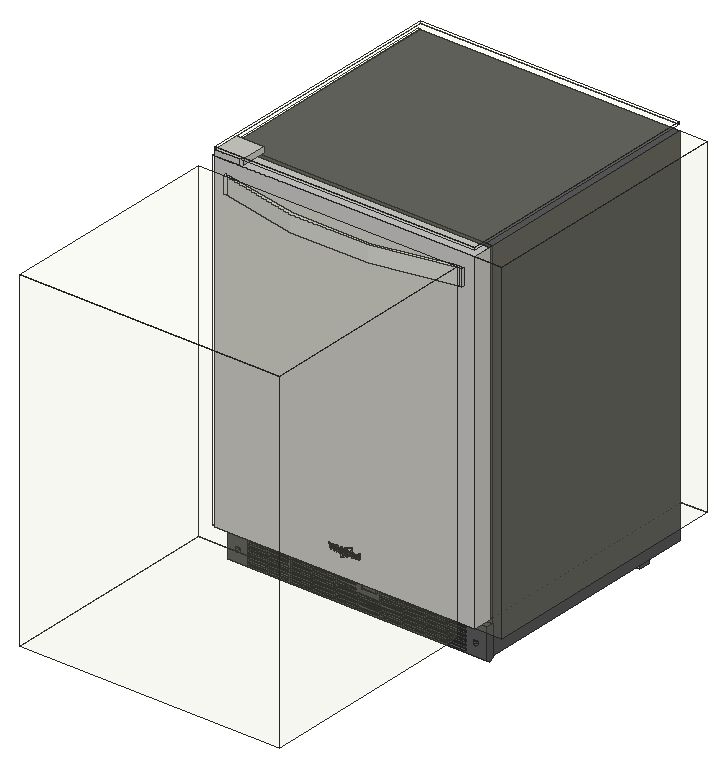
Revit family "P200635WX-134c_WUR50X24HZ", category Specialty Equipment, Revit 2026
Family settings
  Round Connector Dimension = Use Diameter
  Part Type = Normal
  Work Plane-Based = No
  Enable Cutting in Views = No
  Always vertical = Yes
  Cut with Voids When Loaded = No
  Maintain Annotation Orientation = No
  Shared = No
  Room Calculation Point = No
Parameters (values of type "WUR50X24HZ")
  Width = 23 15/16"
  Voltage = 0 V
  URL = ""
  Show Clearance [instance] = yes
  Model = "WUR50X24HZ"
  Leg Material = ARCAT - Plastic - Black
  Feature 3 = "Reversible Stainless Steel Door\r\nPorte réversible en acier inoxydable"
  Feature 2 = "LED Interior Lighting\r\nÉclairage intérieur à DEL"
  Feature 1 = "Single-Temperature Controlled Zone\r\nZone unique à température contrôlée"
  Family Name = "Undercounter Refrigerator"
  Energy Guide = "http://access.whirlpool.com/mr/getMediaType.do?mediaType=Energy Guide&sku=WUR50X24HZ&language=EN\r\nhttp://access.whirlpool.com/mr/getMediaType.do?mediaType=Energy Guide&sku=WUR50X24HZ&language=EN"
  Door Material = ARCAT - Metal - Steel - Stainless
  Manufacturer = "Whirlpool"
  Keynote = ""
  Installation-Fabrication = ""
  Height = 35"
  Handle Material = ARCAT - Metal - Steel - Grey
  Drawn By = ""
  Dimension Guide = "http://access.whirlpool.com/mr/getMediaType.do?mediaType=Dimension Guide&sku=WUR50X24HZ&language=EN\r\nhttp://access.whirlpool.com/mr/getMediaType.do?mediaType=Dimension Guide&sku=WUR50X24HZ&language=EN"
  Description = "24-inch Wide Undercounter Refrigerator - 5.1 cu. ft.\r\nRéfrigérateur sous le comptoir, 24 po, 5.1 pi³"
  Depth = 25 5/8"
  Default Elevation = 0"
  Copyright = ""
  Clearance Material = ARCAT - Clearance
  Body Material = ARCAT - Metal - Steel - Black
  Back Panel Material = ARCAT - Metal - Aluminum
  Assembly Code = ""
  Amps = 0 A
  Accent Material = ARCAT - Metal - Steel - Stainless
Reference planes (in)
  plane 1 "Center (Front/Back)": y = 0
  plane 2: z = 0
  plane 3 "Center (Left/Right)": x = 0
  plane 4: z = 35
  plane 5: y = -25.625
  plane 6: x = 11.96875
  plane 7: x = -11.96875
Forms (in)
  Extrusion 1, solid, material "ARCAT - Clearance" <- "Clearance Material", visible <- "Show Clearance"
    sketch origin (-29.02372, -21.98007, 27.5) x (1, 0, 0) y (0, 1, 0)
      loop
        line (17.05497, -3.64493) -> (17.05497, -24.26993) -> (40.99247, -24.26993) -> (40.99247, -3.64493) -> (17.05497, -3.64493)
    from -23.73432 to 7
  Extrusion 2, solid, material "ARCAT - Metal - Steel - Black" <- "Body Material"
    sketch origin (-50.28535, -180, 34.2588) x (-1, 0, 0) y (0, -1, 0)
      loop
        line (-38.3166, -179.75) -> (-38.3166, -158.375) -> (-62.2541, -158.375) -> (-62.2541, -179.75) -> (-38.3166, -179.75)
    from 0.2412 to -33.64345
  Extrusion 3, solid, material "ARCAT - Metal - Steel - Stainless" <- "Door Material"
    sketch origin (-50.28535, -180.125, 34.5) x (-1, 0, 0) y (0, -1, 0)
      loop
        line (-38.3166, -158.125) -> (-38.3166, -156.375) -> (-62.2541, -156.375) -> (-62.2541, -158.125) -> (-38.3166, -158.125)
    from 0 to -30.73432
  Extrusion 4, solid, material "ARCAT - Metal - Steel - Black" <- "Body Material"
    sketch origin (11.9375, -21.625, 34.2588) x (-1, 0, 0) y (0, 0, -1)
      loop
        line (23.90625, 34.00618) -> (-0.03125, 34.00618) -> (-0.03125, 30.99312) -> (2.46875, 30.99312) -> (2.46875, 30.74312) -> (10.0253, 30.74312) -> (10.0253, 31.88956) -> (11.55036, 31.88956) -> (11.55036, 30.74312) -> (21.40625, 30.74312) -> (21.40625, 30.99312) -> (23.90625, 30.99312) -> (23.90625, 34.00618)
    from 0 to 0.6625
  Extrusion 5, solid, material "ARCAT - Plastic - Black" <- "Leg Material"
    sketch origin (-50.28535, -180, 0.61535) x (0, -1, 0) y (-1, 0, 0)
      loop
        circle (-159.04568, -39.8166) r 0.5
      loop
        circle (-159.04568, -60.7541) r 0.5
    from 0 to 0.61535
  Extrusion 6, solid, material "ARCAT - Metal - Aluminum" <- "Back Panel Material"
    sketch origin (-11.96875, -0.25, 35.23949) x (1, 0, 0) y (0, 0, -1)
      loop
        circle (12.05302, 33.71463) r 0.25
    from 0.25 to 0.28125
  Extrusion 7, solid, material "ARCAT - Metal - Steel - Black" <- "Body Material"
    sketch origin (11.9375, -22.2875, 34.2588) x (-1, 0, 0) y (0, 0, -1)
      loop
        line (11.42536, 30.49312) -> (11.42536, 31.76466) -> (10.1517, 31.76466) -> (10.1517, 30.49312) -> (11.42536, 30.49312)
    from 0 to 0.07096
  Extrusion 8, solid, material "ARCAT - Metal - Steel - Black" <- "Body Material"
    sketch origin (-19.3569, -0.44049, 48) x (-1, 0, 0) y (0, 0, 1)
      loop
        line (-31.32565, -47.38465) -> (-31.07565, -47.38465) -> (-31.07565, -13.75) -> (-7.63815, -13.75) -> (-7.63815, -47.38465) -> (-7.38815, -47.38465) -> (-7.38815, -13.5) -> (-31.32565, -13.5) -> (-31.32565, -47.38465)
    from 0.19049 to 0.44049
  Extrusion 9, solid, material "ARCAT - Metal - Aluminum" <- "Back Panel Material"
    sketch origin (-19.3569, -0.44049, 48) x (-1, 0, 0) y (0, 0, 1)
      loop
        line (-31.07565, -13.75) -> (-31.07565, -38.89853) -> (-29.82565, -38.89853) -> (-29.82565, -41.89853) -> (-30.35598, -42.42886) -> (-30.35598, -43.42886) -> (-29.82565, -43.95919) -> (-29.82565, -45.95919) -> (-31.07565, -45.95919) -> (-31.07565, -47.38465) -> (-22.1229, -47.38465) -> (-22.1229, -46.63465) -> (-21.1229, -46.63465) -> (-21.1229, -47.38465) -> (-17.3729, -47.38465) -> (-17.3729, -46.63465) -> (-16.3729, -46.63465) -> (-16.3729, -47.38465) -> (-7.63815, -47.38465) -> (-7.63815, -44.27058) -> (-8.63255, -44.27058) -> (-8.63255, -43.27058) -> (-8.13255, -43.27058) -> (-8.13255, -42.27058) -> (-7.63815, -42.27058) -> (-7.63815, -13.75) -> (-31.07565, -13.75)
      loop
        line (-27.73725, -40.01032) -> (-27.73725, -40.26032) -> (-24.86495, -40.26032) -> (-24.86495, -40.01032) -> (-27.73725, -40.01032)
      loop
        line (-27.73725, -40.76032) -> (-27.73725, -41.01032) -> (-24.86495, -41.01032) -> (-24.86495, -40.76032) -> (-27.73725, -40.76032)
      loop
        line (-27.73725, -41.79157) -> (-27.73725, -42.04157) -> (-24.86495, -42.04157) -> (-24.86495, -41.79157) -> (-27.73725, -41.79157)
      loop
        line (-27.73725, -42.72907) -> (-27.73725, -42.97907) -> (-24.86495, -42.97907) -> (-24.86495, -42.72907) -> (-27.73725, -42.72907)
    from 0.19049 to 0.44049
  Extrusion 10, solid, material "ARCAT - Metal - Steel - Stainless" <- "Door Material"
    sketch origin (11.96875, -23.75, 34.5) x (-1, 0, 0) y (0, 0, -1)
      loop
        line (23.1875, 0.75) -> (23.1875, 29.98432) -> (0.75, 29.98432) -> (0.75, 0.75) -> (23.1875, 0.75)
    from -2.125 to -1.75
  Extrusion 11, solid, material "ARCAT - Metal - Steel - Grey" <- "Handle Material"
    sketch origin (-49.88471, -180, 30.387) x (-1, 0, 0) y (0, -1, 0)
      loop
        line (-38.91596, -156.25) -> (-38.91596, -156) -> (-39.16596, -156)
        arc (-39.16596, -156) -> (-49.88471, -154.375) -> (-60.60346, -156) r 36.16376
        line (-60.60346, -156) -> (-60.85346, -156) -> (-60.85346, -156.25) -> (-60.56549, -156.25)
        arc (-60.56549, -156.25) -> (-49.88471, -154.625) -> (-39.20392, -156.25) r 35.91376
        line (-39.20392, -156.25) -> (-38.91596, -156.25)
    from 1.41784 to 2.91784
  Extrusion 12, solid, material "ARCAT - Metal - Steel - Stainless" <- "Accent Material"
    sketch origin (23.125, -0.38126, 0.82101) x (0, 0, 1) y (0, -1, 0)
      loop
        line (-0.20566, 3.94806) -> (-0.70566, 3.94806) -> (-0.70566, 2.94806) -> (-0.20566, 2.94806) -> (-0.20566, 3.94806)
    from -34.84375 to -11.40625
  Extrusion 13, solid, material "ARCAT - Plastic - Black" <- "Leg Material"
    sketch origin (23.125, -0.38126, 0.82101) x (0, 0, 1) y (0, -1, 0)
      loop
        circle (-0.20566, 1.29482) r 0.61347
    from -13.15975 to -12.15625
  Extrusion 14, void
    sketch origin (23.125, -0.38126, 0.82101) x (0, 0, 1) y (0, -1, 0)
      loop
        line (-0.20566, 2.07481) -> (-0.20566, 0.51555) -> (0.54434, 0.51555) -> (0.54434, 2.07481) -> (-0.20566, 2.07481)
    from -13.32533 to -11.98088
  Extrusion 15, solid, material "ARCAT - Plastic - Black" <- "Leg Material"
    sketch origin (23.125, -0.38126, 0.82101) x (0, 0, 1) y (0, -1, 0)
      loop
        circle (-0.20566, 1.29482) r 0.07679
    from -12.15625 to -12.08058
  Extrusion 16, solid, material "ARCAT - Plastic - Black" <- "Leg Material"
    sketch origin (22.04583, -0.38126, 0.82101) x (0, 0, 1) y (0, -1, 0)
      loop
        circle (-0.20566, 1.29482) r 0.07679
    from -12.15625 to -12.08058
  Extrusion 17, solid, material "ARCAT - Plastic - Black" <- "Leg Material"
    sketch origin (-23.125, -0.38126, 0.82101) x (0, 0, 1) y (0, 1, 0)
      loop
        circle (-0.20566, -1.29482) r 0.61347
    from -13.15975 to -12.15625
  Extrusion 18, void
    sketch origin (-23.125, -0.38126, 0.82101) x (0, 0, 1) y (0, 1, 0)
      loop
        line (-0.20566, -2.07481) -> (0.54434, -2.07481) -> (0.54434, -0.51555) -> (-0.20566, -0.51555) -> (-0.20566, -2.07481)
    from -13.32533 to -11.98088
  Extrusion 19, solid, material "ARCAT - Plastic - Black" <- "Leg Material"
    sketch origin (-23.125, -0.38126, 0.82101) x (0, 0, 1) y (0, 1, 0)
      loop
        circle (-0.20566, -1.29482) r 0.07679
    from -12.15625 to -12.08058
  Extrusion 20, solid, material "ARCAT - Plastic - Black" <- "Leg Material"
    sketch origin (-22.04583, -0.38126, 0.82101) x (0, 0, 1) y (0, 1, 0)
      loop
        circle (-0.20566, -1.29482) r 0.07679
    from -12.15625 to -12.08058
  Extrusion 21, void
    sketch origin (23.125, -0.38126, 1.07363) x (0, 0, 1) y (0, -1, 0)
      loop
        line (-0.82101, 21.90624) -> (-0.82101, 21.53228) -> (-0.57101, 21.90624) -> (-0.82101, 21.90624)
    from -35.09375 to -11.15625
  Extrusion 22, void
    sketch origin (23.125, -0.38126, 1.07363) x (0, 0, 1) y (0, -1, 0)
      loop
        line (-0.82101, 21.24374) -> (-0.65441, 21.24374) -> (-0.82101, 21.53228) -> (-0.82101, 21.24374)
    from -35.09375 to -11.15625
  Extrusion 23, solid, material "ARCAT - Metal - Steel - Stainless" <- "Accent Material"
    sketch origin (-50.28535, -180, 34.875) x (-1, 0, 0) y (0, -1, 0)
      loop
        line (-38.3166, -156.25) -> (-40.5666, -156.25)
        arc (-40.5666, -156.25) -> (-40.74338, -156.32322) -> (-40.8166, -156.5) r 0.25
        line (-40.8166, -156.5) -> (-40.8166, -158.75) -> (-38.3166, -158.75) -> (-38.3166, -156.25)
    from 0.125 to -0.375
  Extrusion 24, solid, material "ARCAT - Metal - Steel - Black" <- "Body Material"
    sketch origin (-49.88471, -178.8125, 30.387) x (-1, 0, 0) y (0, -1, 0)
      loop
        line (-38.16036, -156.9375) -> (-38.16036, -156.76865)
        arc (-38.16036, -156.76865) -> (-38.17698, -156.6831) -> (-38.22441, -156.61) r 0.22851
        arc (-38.22441, -156.61) -> (-38.35115, -156.52759) -> (-38.50119, -156.50908) r 0.33607
        arc (-38.50119, -156.50908) -> (-38.65569, -156.3383) -> (-38.87712, -156.275) r 0.41892
        line (-38.87712, -156.275) -> (-39.16699, -156.275) -> (-39.16699, -156.9375) -> (-38.16036, -156.9375)
    from -27.12132 to -26.62132
  Extrusion 25, solid, material "ARCAT - Clearance" <- "Clearance Material", visible <- "Show Clearance"
    sketch origin (-5.08622, -21.98007, 27.5) x (1, 0, 0) y (0, 1, 0)
      loop
        line (17.05497, 22.01132) -> (17.05497, -1.76993) -> (19.55497, -1.76993) -> (19.55497, 22.01132) -> (17.05497, 22.01132)
    from -23.73432 to 7
  Extrusion 26, solid, material "ARCAT - Clearance" <- "Clearance Material", visible <- "Show Clearance"
    sketch origin (-31.67217, -21.98007, 27.5) x (1, 0, 0) y (0, 1, 0)
      loop
        line (19.45342, 22.01132) -> (19.45342, -1.76993) -> (19.70342, -1.76993) -> (19.70342, 22.01132) -> (19.45342, 22.01132)
    from -23.73432 to 7
  Extrusion 27, solid, material "ARCAT - Clearance" <- "Clearance Material", visible <- "Show Clearance"
    sketch origin (-29.02372, 3.64493, 25.42439) x (1, 0, 0) y (0, 1, 0)
      loop
        line (17.05497, -3.64493) -> (17.05497, -27.39493) -> (40.99247, -27.39493) -> (40.99247, -3.64493) -> (17.05497, -3.64493)
    from 9.57561 to 9.82561
  Extrusion 28, void
    sketch origin (11.9375, -22.2875, 34.2588) x (1, 0, 0) y (0, 0, -1)
      loop
        line (-7.73644, 33.01356) -> (-5.75206, 33.01356) -> (-5.75206, 33.30035) -> (-7.73644, 33.30035) -> (-7.73644, 33.01356)
      loop
        line (-7.73644, 33.38856) -> (-5.75206, 33.38856) -> (-5.75206, 33.67535) -> (-7.73644, 33.67535) -> (-7.73644, 33.38856)
      loop
        line (-5.64603, 33.01356) -> (-3.66165, 33.01356) -> (-3.66165, 33.30035) -> (-5.64603, 33.30035) -> (-5.64603, 33.01356)
      loop
        line (-5.64603, 33.38856) -> (-3.66165, 33.38856) -> (-3.66165, 33.67535) -> (-5.64603, 33.67535) -> (-5.64603, 33.38856)
      loop
        line (-3.55562, 33.01356) -> (-1.85249, 33.01356) -> (-1.85249, 33.30035) -> (-3.55562, 33.30035) -> (-3.55562, 33.01356)
      loop
        line (-3.55562, 33.38856) -> (-1.85249, 33.38856) -> (-1.85249, 33.67535) -> (-3.55562, 33.67535) -> (-3.55562, 33.38856)
      loop
        circle (-22.91587, 32.63514) r 0.25
      loop
        circle (-0.96218, 32.63514) r 0.25
      loop
        line (-7.73644, 32.27747) -> (-5.75206, 32.27747) -> (-5.75206, 32.56427) -> (-7.73644, 32.56427) -> (-7.73644, 32.27747)
      loop
        line (-7.73644, 32.65247) -> (-5.75206, 32.65247) -> (-5.75206, 32.93927) -> (-7.73644, 32.93927) -> (-7.73644, 32.65247)
      loop
        line (-5.64603, 32.27747) -> (-3.66165, 32.27747) -> (-3.66165, 32.56427) -> (-5.64603, 32.56427) -> (-5.64603, 32.27747)
      loop
        line (-5.64603, 32.65247) -> (-3.66165, 32.65247) -> (-3.66165, 32.93927) -> (-5.64603, 32.93927) -> (-5.64603, 32.65247)
      loop
        line (-3.55562, 32.27747) -> (-1.85249, 32.27747) -> (-1.85249, 32.56427) -> (-3.55562, 32.56427) -> (-3.55562, 32.27747)
      loop
        line (-3.55562, 32.65247) -> (-1.85249, 32.65247) -> (-1.85249, 32.93927) -> (-3.55562, 32.93927) -> (-3.55562, 32.65247)
      loop
        line (-7.73644, 31.54139) -> (-5.75206, 31.54139) -> (-5.75206, 31.82819) -> (-7.73644, 31.82819) -> (-7.73644, 31.54139)
      loop
        line (-7.73644, 31.91639) -> (-5.75206, 31.91639) -> (-5.75206, 32.20319) -> (-7.73644, 32.20319) -> (-7.73644, 31.91639)
      loop
        line (-5.64603, 31.54139) -> (-3.66165, 31.54139) -> (-3.66165, 31.82819) -> (-5.64603, 31.82819) -> (-5.64603, 31.54139)
      loop
        line (-5.64603, 31.91639) -> (-3.66165, 31.91639) -> (-3.66165, 32.20319) -> (-5.64603, 32.20319) -> (-5.64603, 31.91639)
      loop
        line (-3.55562, 31.54139) -> (-1.85249, 31.54139) -> (-1.85249, 31.82819) -> (-3.55562, 31.82819) -> (-3.55562, 31.54139)
      loop
        line (-3.55562, 31.91639) -> (-1.85249, 31.91639) -> (-1.85249, 32.20319) -> (-3.55562, 32.20319) -> (-3.55562, 31.91639)
      loop
        line (-7.73644, 31.16639) -> (-5.75206, 31.16639) -> (-5.75206, 31.45319) -> (-7.73644, 31.45319) -> (-7.73644, 31.16639)
      loop
        line (-5.64603, 31.16639) -> (-3.66165, 31.16639) -> (-3.66165, 31.45319) -> (-5.64603, 31.45319) -> (-5.64603, 31.16639)
      loop
        line (-11.91726, 33.01356) -> (-9.93288, 33.01356) -> (-9.93288, 33.30035) -> (-11.91726, 33.30035) -> (-11.91726, 33.01356)
      loop
        line (-11.91726, 33.38856) -> (-9.93288, 33.38856) -> (-9.93288, 33.67535) -> (-11.91726, 33.67535) -> (-11.91726, 33.38856)
      loop
        line (-9.82685, 33.01356) -> (-7.84247, 33.01356) -> (-7.84247, 33.30035) -> (-9.82685, 33.30035) -> (-9.82685, 33.01356)
      loop
        line (-9.82685, 33.38856) -> (-7.84247, 33.38856) -> (-7.84247, 33.67535) -> (-9.82685, 33.67535) -> (-9.82685, 33.38856)
      loop
        line (-11.91726, 32.27747) -> (-9.93288, 32.27747) -> (-9.93288, 32.56427) -> (-11.91726, 32.56427) -> (-11.91726, 32.27747)
      loop
        line (-11.91726, 32.65247) -> (-9.93288, 32.65247) -> (-9.93288, 32.93927) -> (-11.91726, 32.93927) -> (-11.91726, 32.65247)
      loop
        line (-9.82685, 32.27747) -> (-7.84247, 32.27747) -> (-7.84247, 32.56427) -> (-9.82685, 32.56427) -> (-9.82685, 32.27747)
      loop
        line (-9.82685, 32.65247) -> (-7.84247, 32.65247) -> (-7.84247, 32.93927) -> (-9.82685, 32.93927) -> (-9.82685, 32.65247)
      loop
        line (-9.82685, 31.54139) -> (-7.84247, 31.54139) -> (-7.84247, 31.82819) -> (-9.82685, 31.82819) -> (-9.82685, 31.54139)
      loop
        line (-9.82685, 31.91639) -> (-7.84247, 31.91639) -> (-7.84247, 32.20319) -> (-9.82685, 32.20319) -> (-9.82685, 31.91639)
      loop
        line (-9.82685, 31.16639) -> (-7.84247, 31.16639) -> (-7.84247, 31.45319) -> (-9.82685, 31.45319) -> (-9.82685, 31.16639)
      loop
        line (-16.14161, 33.01356) -> (-16.14161, 33.30035) -> (-18.12599, 33.30035) -> (-18.12599, 33.01356) -> (-16.14161, 33.01356)
      loop
        line (-16.14161, 33.38856) -> (-16.14161, 33.67535) -> (-18.12599, 33.67535) -> (-18.12599, 33.38856) -> (-16.14161, 33.38856)
      loop
        line (-18.23203, 33.01356) -> (-18.23203, 33.30035) -> (-20.2164, 33.30035) -> (-20.2164, 33.01356) -> (-18.23203, 33.01356)
      loop
        line (-18.23203, 33.38856) -> (-18.23203, 33.67535) -> (-20.2164, 33.67535) -> (-20.2164, 33.38856) -> (-18.23203, 33.38856)
      loop
        line (-20.32244, 33.30035) -> (-22.02556, 33.30035) -> (-22.02556, 33.01356) -> (-20.32244, 33.01356) -> (-20.32244, 33.30035)
      loop
        line (-20.32244, 33.67535) -> (-22.02556, 33.67535) -> (-22.02556, 33.38856) -> (-20.32244, 33.38856) -> (-20.32244, 33.67535)
      loop
        line (-16.14161, 32.27747) -> (-16.14161, 32.56427) -> (-18.12599, 32.56427) -> (-18.12599, 32.27747) -> (-16.14161, 32.27747)
      loop
        line (-16.14161, 32.65247) -> (-16.14161, 32.93927) -> (-18.12599, 32.93927) -> (-18.12599, 32.65247) -> (-16.14161, 32.65247)
      loop
        line (-18.23203, 32.27747) -> (-18.23203, 32.56427) -> (-20.2164, 32.56427) -> (-20.2164, 32.27747) -> (-18.23203, 32.27747)
      loop
        line (-18.23203, 32.65247) -> (-18.23203, 32.93927) -> (-20.2164, 32.93927) -> (-20.2164, 32.65247) -> (-18.23203, 32.65247)
      loop
        line (-20.32244, 32.56427) -> (-22.02556, 32.56427) -> (-22.02556, 32.27747) -> (-20.32244, 32.27747) -> (-20.32244, 32.56427)
      loop
        line (-20.32244, 32.93927) -> (-22.02556, 32.93927) -> (-22.02556, 32.65247) -> (-20.32244, 32.65247) -> (-20.32244, 32.93927)
      loop
        line (-16.14161, 31.54139) -> (-16.14161, 31.82819) -> (-18.12599, 31.82819) -> (-18.12599, 31.54139) -> (-16.14161, 31.54139)
      loop
        line (-16.14161, 31.91639) -> (-16.14161, 32.20319) -> (-18.12599, 32.20319) -> (-18.12599, 31.91639) -> (-16.14161, 31.91639)
      loop
        line (-18.23203, 31.54139) -> (-18.23203, 31.82819) -> (-20.2164, 31.82819) -> (-20.2164, 31.54139) -> (-18.23203, 31.54139)
      loop
        line (-18.23203, 31.91639) -> (-18.23203, 32.20319) -> (-20.2164, 32.20319) -> (-20.2164, 31.91639) -> (-18.23203, 31.91639)
      loop
        line (-20.32244, 31.82819) -> (-22.02556, 31.82819) -> (-22.02556, 31.54139) -> (-20.32244, 31.54139) -> (-20.32244, 31.82819)
      loop
        line (-20.32244, 32.20319) -> (-22.02556, 32.20319) -> (-22.02556, 31.91639) -> (-20.32244, 31.91639) -> (-20.32244, 32.20319)
      loop
        line (-16.14161, 31.16639) -> (-16.14161, 31.45319) -> (-18.12599, 31.45319) -> (-18.12599, 31.16639) -> (-16.14161, 31.16639)
      loop
        line (-18.23203, 31.16639) -> (-18.23203, 31.45319) -> (-20.2164, 31.45319) -> (-20.2164, 31.16639) -> (-18.23203, 31.16639)
      loop
        line (-11.96079, 33.01356) -> (-11.96079, 33.30035) -> (-13.94517, 33.30035) -> (-13.94517, 33.01356) -> (-11.96079, 33.01356)
      loop
        line (-11.96079, 33.38856) -> (-11.96079, 33.67535) -> (-13.94517, 33.67535) -> (-13.94517, 33.38856) -> (-11.96079, 33.38856)
      loop
        line (-14.0512, 33.01356) -> (-14.0512, 33.30035) -> (-16.03558, 33.30035) -> (-16.03558, 33.01356) -> (-14.0512, 33.01356)
      loop
        line (-14.0512, 33.38856) -> (-14.0512, 33.67535) -> (-16.03558, 33.67535) -> (-16.03558, 33.38856) -> (-14.0512, 33.38856)
      loop
        line (-11.96079, 32.27747) -> (-11.96079, 32.56427) -> (-13.94517, 32.56427) -> (-13.94517, 32.27747) -> (-11.96079, 32.27747)
      loop
        line (-11.96079, 32.65247) -> (-11.96079, 32.93927) -> (-13.94517, 32.93927) -> (-13.94517, 32.65247) -> (-11.96079, 32.65247)
      loop
        line (-14.0512, 32.27747) -> (-14.0512, 32.56427) -> (-16.03558, 32.56427) -> (-16.03558, 32.27747) -> (-14.0512, 32.27747)
      loop
        line (-14.0512, 32.65247) -> (-14.0512, 32.93927) -> (-16.03558, 32.93927) -> (-16.03558, 32.65247) -> (-14.0512, 32.65247)
      loop
        line (-11.96079, 31.54139) -> (-11.96079, 31.82819) -> (-13.94517, 31.82819) -> (-13.94517, 31.54139) -> (-11.96079, 31.54139)
      loop
        line (-11.96079, 31.91639) -> (-11.96079, 32.20319) -> (-13.94517, 32.20319) -> (-13.94517, 31.91639) -> (-11.96079, 31.91639)
      loop
        line (-14.0512, 31.54139) -> (-14.0512, 31.82819) -> (-16.03558, 31.82819) -> (-16.03558, 31.54139) -> (-14.0512, 31.54139)
      loop
        line (-14.0512, 31.91639) -> (-14.0512, 32.20319) -> (-16.03558, 32.20319) -> (-16.03558, 31.91639) -> (-14.0512, 31.91639)
      loop
        line (-11.96079, 31.16639) -> (-11.96079, 31.45319) -> (-13.94517, 31.45319) -> (-13.94517, 31.16639) -> (-11.96079, 31.16639)
      loop
        line (-14.0512, 31.16639) -> (-14.0512, 31.45319) -> (-16.03558, 31.45319) -> (-16.03558, 31.16639) -> (-14.0512, 31.16639)
    from 0 to 0.25
Cuts and joins
  Extrusion 21, Extrusion 22, Extrusion 28 cuts Extrusion 4
  Extrusion 14, Extrusion 18 cuts Extrusion 2
  Extrusion 18 cuts Extrusion 8
  joined: Extrusion 2, Extrusion 8
  Extrusion 18 cuts Extrusion 13
  Extrusion 18 cuts Extrusion 15
  Extrusion 18 cuts Extrusion 16
  Extrusion 18 cuts Extrusion 17
  Extrusion 18 cuts Extrusion 19
  Extrusion 18 cuts Extrusion 20
  Extrusion 18 cuts Extrusion 9
Lines and regions (in)
  Split face 1
    outline origin (11.96875, -0.25, 34.5) x (0, 0, -1) y (-1, 0, 0)
      loop
        line (28.77058, 23.1931) -> (29.77058, 23.1931) -> (29.77058, 22.6931) -> (30.77058, 22.6931) -> (30.77058, 23.6875) -> (28.77058, 23.6875) -> (28.77058, 23.1931)
  Split face 2
    outline origin (11.96875, -0.25, 34.5) x (0, 0, -1) y (-1, 0, 0)
      loop
        line (32.45138, 0.25781) -> (32.15742, 0.55178) -> (27.01921, 0.55178) -> (26.84949, 0.25781) -> (32.45138, 0.25781)
  symbolic lines, style "SpecialityEquipment"
    curve 1: line (-11.96875, -23.75, 30.387) -> (11.96875, -23.75, 30.387)
    curve 2: line (-11.96875, 0, 30.387) -> (-11.96875, -23.75, 30.387)
    curve 3: line (11.96875, 0, 30.387) -> (11.96875, -23.75, 30.387)
    curve 4: line (11.96875, 0, 30.387) -> (-11.96875, 0, 30.387)
    curve 5: arc (-10.71875, -24, 30.387) -> (0, -25.625, 30.387) -> (10.71875, -24, 30.387) r 36.16376
    curve 6: arc (10.68078, -23.75, 30.387) -> (0, -25.375, 30.387) -> (-10.68078, -23.75, 30.387) r 35.91376
    curve 7: line (10.71875, -24, 30.387) -> (10.96875, -24, 30.387)
    curve 8: line (10.96875, -24, 30.387) -> (10.96875, -23.75, 30.387)
    curve 9: line (-10.96875, -24, 30.387) -> (-10.71875, -24, 30.387)
    curve 10: line (-10.96875, -23.75, 30.387) -> (-10.96875, -24, 30.387)
    curve 11: arc (10.68078, -23.75, 30.387) -> (0, -25.375, 30.387) -> (-10.68078, -23.75, 30.387) r 35.91376
  model lines, style "SpecialityEquipment"
    curve 12: line (11.71875, 0, 10.38717) -> (-11.71875, 0, 10.38717)
    curve 13: circle (-11.30874, 0, 10.05444) r 0.25 normal (0, 1, 0)
    curve 14: circle (0, 0, 10.07314) r 0.25 normal (0, 1, 0)
    curve 15: circle (11.35708, 0, 10.05325) r 0.25 normal (0, 1, 0)
    curve 16: line (2.766, -0.25, 1.07467) -> (1.766, -0.25, 1.07467)
  model lines
    curve 17: line (-1.984, -0.25, 1.07467) -> (-2.984, -0.25, 1.07467)
Dimensions and locks (in)
  "Height": plane 4 to level
  "Depth": plane 5 to plane 1 "Center (Front/Back)"
  "Width": plane 7 to plane 6
  equal spacing: plane 7, plane 3 "Center (Left/Right)", plane 6
  aligned and locked: level to plane 2
Automatic sketch dimensions
  curve 14 to plane 3 "Center (Left/Right)" = 0"
  curve 15 to plane 6 = 0.61167"
  level to curve 15 = 10.05325"
  curve 13 to plane 7 = 0.66001"
  level to curve 13 = 10.05444"
  level to curve 14 = 10.07314"
  curve 15 to curve 12 = 0.33392"
  curve 12 to plane 7 = 1/4"
  curve 12 to plane 6 = 1/4"
  Extrusion 1 sketch curve to plane 7 = 0"
  Extrusion 1 sketch curve to plane 6 = 0"
  plane 5 to Extrusion 1 sketch curve = 0"
  Extrusion 1 sketch curve to Extrusion 1 sketch curve = 20 5/8"
  Extrusion 2 sketch curve to plane 6 = 0"
  Extrusion 2 sketch curve to plane 7 = 0"
  plane 1 "Center (Front/Back)" to Extrusion 2 sketch curve = 1/4"
  Extrusion 2 sketch curve to plane 5 = 4"
  Extrusion 3 sketch curve to Extrusion 2 = 0"  (x2)
  Extrusion 2 to Extrusion 3 sketch curve = 3/8"
  Extrusion 3 sketch curve to Extrusion 3 sketch curve = 1 3/4"
  Extrusion 2 to Extrusion 4 sketch curve = 0"  (x2)
  Extrusion 4 sketch curve to Extrusion 2 = 2 1/2"
  Extrusion 2 to Extrusion 4 sketch curve = 1 193/256"
  Extrusion 4 sketch curve to Extrusion 4 sketch curve = 7.55655"
  Extrusion 4 sketch curve to Extrusion 4 sketch curve = 1.52506"
  Extrusion 2 to Extrusion 4 sketch curve = 2 1/2"
  Extrusion 2 to Extrusion 4 sketch curve = 2.65033"  (x2)
  Extrusion 4 sketch curve to Extrusion 4 sketch curve = 1.14645"
  Extrusion 4 sketch curve to Extrusion 4 sketch curve = 1/4"
  Extrusion 4 sketch curve to Extrusion 2 = 0.36273"
  Extrusion 2 to Extrusion 5 sketch curve = 0.67068"  (x2)
  Extrusion 2 to Extrusion 5 sketch curve = 1 1/2"  (x2)
  Extrusion 2 to Extrusion 6 sketch curve = 0.90951"
  Extrusion 6 sketch curve to Extrusion 2 = 11.88448"
  curve 5 to curve 6 = 0"  (x2)
  curve 5 to curve 11 = 0"  (x2)
  curve 6 to curve 11 = 0"  (x3)
  curve 1 to plane 6 = 0"
  curve 5 to plane 3 "Center (Left/Right)" = 0"
  curve 2 to plane 7 = 0"
  plane 1 "Center (Front/Back)" to curve 2 = 0"
  curve 7 to plane 6 = 1"
  curve 7 to curve 7 = 1/4"
  curve 9 to plane 7 = 1 1/4"
  curve 9 to curve 9 = 1/4"
  curve 6 to plane 1 "Center (Front/Back)" = 10.53876"
  curve 2 to plane 5 = 1 7/8"
  curve 8 to curve 7 = 1/4"
  curve 7 to curve 11 = 0.03797"
  Extrusion 4 to Extrusion 7 sketch curve = 0.1264"
  Extrusion 4 to Extrusion 7 sketch curve = 1/8"
  Extrusion 4 to Extrusion 7 sketch curve = 1/4"
  Extrusion 4 to Extrusion 7 sketch curve = 0.12491"
  Extrusion 8 sketch curve to plane 6 = 0"
  plane 7 to Extrusion 8 sketch curve = 0"
  Extrusion 8 sketch curve to plane 6 = 1/4"
  Extrusion 8 sketch curve to plane 7 = 1/4"
  level to Extrusion 8 sketch curve = 0.61535"  (x2)
  Extrusion 8 sketch curve to plane 4 = 3/4"
  Extrusion 8 sketch curve to Extrusion 8 sketch curve = 1/4"
  Extrusion 9 sketch curve to plane 6 = 1/4"  (x2)
  Extrusion 9 sketch curve to plane 6 = 0.96967"
  Extrusion 9 sketch curve to Extrusion 9 sketch curve = 1 1/4"  (x2)
  Extrusion 9 sketch curve to Extrusion 9 sketch curve = 2.0884"
  Extrusion 9 sketch curve to Extrusion 9 sketch curve = 0"  (x6)
  Extrusion 9 sketch curve to Extrusion 9 sketch curve = 2.8723"
  level to Extrusion 9 sketch curve = 1.36535"
  plane 3 "Center (Left/Right)" to Extrusion 9 sketch curve = 2.766"
  Extrusion 9 sketch curve to Extrusion 9 sketch curve = 1"  (x5)
  level to Extrusion 9 sketch curve = 0.61535"  (x3)
  Extrusion 9 sketch curve to plane 3 "Center (Left/Right)" = 1.984"
  Extrusion 9 sketch curve to plane 7 = 1.2444"
  Extrusion 9 sketch curve to Extrusion 9 sketch curve = 1/2"  (x2)
  Extrusion 9 sketch curve to plane 7 = 1/4"  (x2)
  Extrusion 9 sketch curve to Extrusion 9 sketch curve = 3/4"
  Extrusion 9 sketch curve to Extrusion 9 sketch curve = 1.42546"
  Extrusion 9 sketch curve to Extrusion 9 sketch curve = 3.11407"
  Extrusion 9 sketch curve to Extrusion 9 sketch curve = 2"
  Extrusion 9 sketch curve to Extrusion 9 sketch curve = 0.53033"  (x2)
  Extrusion 9 sketch curve to Extrusion 9 sketch curve = 3.65558"
  Extrusion 9 sketch curve to Extrusion 9 sketch curve = 1/4"  (x4)
  Extrusion 9 sketch curve to Extrusion 9 sketch curve = 11/16"
  Extrusion 9 sketch curve to Extrusion 9 sketch curve = 25/32"
  Extrusion 9 sketch curve to Extrusion 9 sketch curve = 3"
  Extrusion 9 sketch curve to plane 4 = 3/4"
  Extrusion 10 sketch curve to Extrusion 3 = 3/4"
  Extrusion 3 to Extrusion 10 sketch curve = 3/4"  (x3)
  Extrusion 11 sketch curve to Extrusion 11 sketch curve = 0"  (x2)
  Extrusion 11 sketch curve to plane 3 "Center (Left/Right)" = 0"
  Extrusion 11 sketch curve to plane 6 = 1.28797"
  Extrusion 11 sketch curve to Extrusion 11 sketch curve = 0.03797"  (x2)
  Extrusion 11 sketch curve to Extrusion 11 sketch curve = 0.28797"
  Extrusion 11 sketch curve to plane 7 = 1.28797"
  Extrusion 11 sketch curve to Extrusion 11 sketch curve = 1/4"  (x2)
  Extrusion 11 sketch curve to plane 1 "Center (Front/Back)" = 10.53876"
  Extrusion 11 sketch curve to plane 5 = 1 7/8"
  level to Extrusion 12 sketch curve = 0.11535"
  Extrusion 12 sketch curve to Extrusion 12 sketch curve = 1/2"
  plane 1 "Center (Front/Back)" to Extrusion 12 sketch curve = 3.32932"
  Extrusion 12 sketch curve to Extrusion 12 sketch curve = 1"
  level to Extrusion 13 sketch curve = 0.61535"
  plane 1 "Center (Front/Back)" to Extrusion 13 sketch curve = 1.67608"
  level to Extrusion 14 sketch curve = 0.61535"
  Extrusion 14 sketch curve to Extrusion 14 sketch curve = 3/4"
  plane 1 "Center (Front/Back)" to Extrusion 14 sketch curve = 0.89681"
  Extrusion 14 sketch curve to Extrusion 14 sketch curve = 1.55926"
  level to Extrusion 15 sketch curve = 0.61535"
  plane 1 "Center (Front/Back)" to Extrusion 15 sketch curve = 1.67608"
  level to Extrusion 16 sketch curve = 0.61535"
  plane 1 "Center (Front/Back)" to Extrusion 16 sketch curve = 1.67608"
  level to Extrusion 17 sketch curve = 0.61535"
  plane 1 "Center (Front/Back)" to Extrusion 17 sketch curve = 1.67608"
  level to Extrusion 18 sketch curve = 0.61535"
  Extrusion 18 sketch curve to Extrusion 18 sketch curve = 3/4"
  plane 1 "Center (Front/Back)" to Extrusion 18 sketch curve = 2.45607"
  plane 1 "Center (Front/Back)" to Extrusion 18 sketch curve = 0.89681"
  level to Extrusion 19 sketch curve = 0.61535"
  plane 1 "Center (Front/Back)" to Extrusion 19 sketch curve = 1.67608"
  level to Extrusion 20 sketch curve = 0.61535"
  plane 1 "Center (Front/Back)" to Extrusion 20 sketch curve = 1.67608"
  level to Extrusion 21 sketch curve = 0.25262"
  Extrusion 21 sketch curve to Extrusion 21 sketch curve = 1/4"
  Extrusion 21 sketch curve to plane 5 = 3.71145"
  Extrusion 21 sketch curve to Extrusion 21 sketch curve = 0.37395"
  level to Extrusion 22 sketch curve = 0.25262"
  Extrusion 22 sketch curve to Extrusion 22 sketch curve = 0.16659"
  Extrusion 22 sketch curve to plane 5 = 4"
  Extrusion 22 sketch curve to Extrusion 22 sketch curve = 0.28855"
  Extrusion 23 sketch curve to plane 7 = 0"
  Extrusion 23 sketch curve to Extrusion 23 sketch curve = 2 1/4"
  Extrusion 23 sketch curve to Extrusion 23 sketch curve = 1/4"
  Extrusion 23 sketch curve to plane 5 = 4 3/8"
  Extrusion 23 sketch curve to plane 5 = 2 1/8"
  Extrusion 24 sketch curve to plane 7 = 1.25104"
  Extrusion 24 sketch curve to Extrusion 24 sketch curve = 0.28987"
  Extrusion 24 sketch curve to Extrusion 24 sketch curve = 0.41084"
  Extrusion 24 sketch curve to Extrusion 24 sketch curve = 0.07742"
  Extrusion 24 sketch curve to plane 7 = 0.2444"
  Extrusion 24 sketch curve to plane 5 = 3 3/4"
  Extrusion 24 sketch curve to Extrusion 24 sketch curve = 0.09417"
  Extrusion 24 sketch curve to Extrusion 24 sketch curve = 0.16885"
  Extrusion 24 sketch curve to Extrusion 24 sketch curve = 0.24358"
  Extrusion 24 sketch curve to Extrusion 24 sketch curve = 0.41892"
  Extrusion 24 sketch curve to Extrusion 24 sketch curve = 0.11232"
  Extrusion 25 sketch curve to plane 6 = 0"
  Extrusion 25 sketch curve to Extrusion 25 sketch curve = 2 1/2"
  Extrusion 25 sketch curve to plane 5 = 1 7/8"
  Extrusion 25 sketch curve to plane 1 "Center (Front/Back)" = 1/32"
  Extrusion 26 sketch curve to plane 7 = 0"
  Extrusion 26 sketch curve to plane 1 "Center (Front/Back)" = 1/32"
  Extrusion 26 sketch curve to Extrusion 26 sketch curve = 1/4"
  Extrusion 26 sketch curve to plane 5 = 1 7/8"
  Extrusion 27 sketch curve to plane 7 = 0"
  Extrusion 27 sketch curve to plane 6 = 0"
  plane 1 "Center (Front/Back)" to Extrusion 27 sketch curve = 0"
  Extrusion 27 sketch curve to plane 5 = 1 7/8"
  Extrusion 4 to Extrusion 28 sketch curve = 0.99038"
  Extrusion 4 to Extrusion 28 sketch curve = 0.02683"  (x9)
  Extrusion 28 sketch curve to Extrusion 4 = 0.61931"  (x2)
  Extrusion 28 sketch curve to Extrusion 28 sketch curve = 0"  (x106)
  Extrusion 4 to Extrusion 28 sketch curve = 1.08381"  (x2)
  Extrusion 4 to Extrusion 28 sketch curve = 0.33082"  (x4)
  Extrusion 28 sketch curve to Extrusion 4 = 0.34817"  (x3)
  Extrusion 28 sketch curve to Extrusion 28 sketch curve = 0.10604"  (x25)
  Extrusion 4 to Extrusion 28 sketch curve = 0.17328"  (x6)
  Extrusion 28 sketch curve to Extrusion 4 = 0.43638"
  Extrusion 28 sketch curve to Extrusion 28 sketch curve = 1 63/64"  (x5)
  Extrusion 4 to Extrusion 28 sketch curve = 0.61762"
  Extrusion 4 to Extrusion 28 sketch curve = 0.38791"  (x2)
  Extrusion 28 sketch curve to Extrusion 4 = 0.06138"  (x9)
  Extrusion 4 to Extrusion 28 sketch curve = 0.41044"  (x3)
  Extrusion 28 sketch curve to Extrusion 28 sketch curve = 0.04354"  (x4)
  Extrusion 4 to Extrusion 28 sketch curve = 0.09242"  (x3)
  Extrusion 4 to Extrusion 28 sketch curve = 0.19845"
  Extrusion 4 to Extrusion 28 sketch curve = 1.1929"
  Extrusion 28 sketch curve to Extrusion 4 = 0.61626"  (x3)
  Extrusion 28 sketch curve to Extrusion 28 sketch curve = 0.89031"
  Extrusion 28 sketch curve to Extrusion 28 sketch curve = 0.2868"  (x24)
  Extrusion 28 sketch curve to Extrusion 28 sketch curve = 0.0882"  (x27)
  Extrusion 28 sketch curve to Extrusion 28 sketch curve = 0.07429"  (x19)
  Extrusion 4 to Extrusion 28 sketch curve = 0.74558"  (x2)
  curve 16 to Extrusion 9 = 0"
  Extrusion 9 to curve 16 = 0"
  curve 17 to Extrusion 9 = 0"
  Extrusion 9 to curve 17 = 0"
  curve 16 to Extrusion 9 = 0.29068"
  curve 17 to Extrusion 9 = 0.29068"
  Split face 1 sketch curve to cut or joined group of Extrusion 2, Extrusion 8, Extrusion 14, Extrusion 18 = 0"
  cut or joined group of Extrusion 2, Extrusion 8, Extrusion 14, Extrusion 18 to Split face 1 sketch curve = 0.4944"
  Split face 1 sketch curve to cut or joined group of Extrusion 2, Extrusion 8, Extrusion 14, Extrusion 18 = 5.11407"
  Split face 1 sketch curve to Split face 1 sketch curve = 1"  (x2)
  Split face 1 sketch curve to Split face 1 sketch curve = 0.9944"
  cut or joined group of Extrusion 2, Extrusion 8, Extrusion 14, Extrusion 18 to Split face 2 sketch curve = 1/128"
  Split face 2 sketch curve to cut or joined group of Extrusion 2, Extrusion 8, Extrusion 14, Extrusion 18 = 7 9/256"
  Split face 2 sketch curve to Split face 2 sketch curve = 0.16972"
  cut or joined group of Extrusion 2, Extrusion 8, Extrusion 14, Extrusion 18 to Split face 2 sketch curve = 0.30178"
  Split face 2 sketch curve to cut or joined group of Extrusion 2, Extrusion 8, Extrusion 14, Extrusion 18 = 1.72723"
  Split face 2 sketch curve to Split face 2 sketch curve = 0.29396"
  radius of curve 13 = 1/4"
  radius of curve 14 = 1/4"
  radius of curve 15 = 1/4"
  radius of Extrusion 5 sketch curve = 1/2"  (x2)
  radius of Extrusion 6 sketch curve = 1/4"
  radius of Extrusion 13 sketch curve = 0.61347"
  radius of Extrusion 15 sketch curve = 0.07679"
  radius of Extrusion 16 sketch curve = 0.07679"
  radius of Extrusion 17 sketch curve = 0.61347"
  radius of Extrusion 19 sketch curve = 0.07679"
  radius of Extrusion 20 sketch curve = 0.07679"
  radius of Extrusion 28 sketch curve = 1/4"  (x2)
Nested families (in)
  nested 1: "Whirlpool Logo" at (0.07575, -23.75, 5.7425), type "Whirlpool Logo"
Connectors (in)
  electrical at (0.08427, 0.03125, 1.52487), driven by "Voltage"
    settings: on Extrusion 6, index 1, voltage 0 V, apparent load 0 VA, apparent load phase1 0 VA, apparent load phase2 0 VA, apparent load phase3 0 VA, power factor 1, load classification "Other", number of poles 1, system type 30, power factor state 1, is connector primary yes, connector utility no, sub classification motor no, connector description "Electrical Connection"
Definition of nested family "Whirlpool Logo"
  Parameters (values of type "Whirlpool Logo 1")
    Logo Material = none
    Default Elevation = 0"
  Reference planes (in)
    plane 1 "Center (Front/Back)": y = 0
    plane 2: z = 0
    plane 3 "Center (Left/Right)": x = 0
    plane 4: z = 0
    plane 5: z = 0
  Forms (in)
    Extrusion 1, solid, material <- "Logo Material"
      sketch origin (-3.74512, 0, 0) x (1, 0, 0) y (0, 0, 1)
        loop
          line (2.41231, 0.08131) -> (2.3157, 0.49838) -> (2.24813, 0.49838) -> (2.38027, 0) -> (2.44749, 0) -> (2.5683, 0.43403) -> (2.6883, 0) -> (2.75181, 0) -> (2.88836, 0.49838) -> (2.8222, 0.49838) -> (2.72355, 0.09422) -> (2.60909, 0.49838) -> (2.5297, 0.49838) -> (2.41231, 0.08131)
        loop
          line (3.00321, 0.30827) -> (3.00321, 0.49838) -> (2.94217, 0.49838) -> (2.94217, 0) -> (3.00321, 0) -> (3.00321, 0.18636)
          arc (3.00321, 0.18636) -> (3.08904, 0.27219) -> (3.17487, 0.18636) r 0.08583
          line (3.17487, 0.18636) -> (3.17487, 0) -> (3.23591, 0) -> (3.23591, 0.22227)
          arc (3.23591, 0.22227) -> (3.14951, 0.34631) -> (3.00321, 0.30827) r 0.13224
        loop
          line (3.39063, 0) -> (3.39063, 0.34973) -> (3.32941, 0.34973) -> (3.32941, 0) -> (3.39063, 0)
        loop
          line (3.39063, 0.41677) -> (3.39063, 0.49838) -> (3.32941, 0.49838) -> (3.32941, 0.41677) -> (3.39063, 0.41677)
        loop
          line (3.6579, 0.28145) -> (3.6789, 0.33826)
          arc (3.6789, 0.33826) -> (3.59686, 0.35435) -> (3.53794, 0.29504) r 0.08863
          line (3.53794, 0.29504) -> (3.53794, 0.34973) -> (3.48289, 0.34973) -> (3.48289, 0) -> (3.54411, 0) -> (3.54411, 0.17772)
          arc (3.54411, 0.17772) -> (3.5781, 0.25471) -> (3.6579, 0.28145) r 0.10418
        loop
          line (3.77504, 0.49838) -> (3.714, 0.49838) -> (3.714, 0) -> (3.77504, 0) -> (3.77504, 0.49838)
        loop
          line (3.92553, 0.29703) -> (3.92553, 0.34973) -> (3.86996, 0.34973) -> (3.86996, -0.13831) -> (3.931, -0.13831) -> (3.931, 0.05132)
          arc (3.931, 0.05132) -> (3.97272, 0.01568) -> (4.02517, -0.00047) r 0.13538
          spline (4.02517, -0.00047) -> (4.06481, 0.00701) -> (4.09953, 0.02758) -> (4.12708, 0.0579) -> (4.14689, 0.09499) -> (4.15887, 0.13653) -> (4.16288, 0.18032) -> (4.15887, 0.2241) -> (4.14689, 0.26565) -> (4.12708, 0.30274) -> (4.09953, 0.33306) -> (4.06481, 0.35363) -> (4.02517, 0.36111)
          arc (4.02517, 0.36111) -> (3.96713, 0.34185) -> (3.92553, 0.29703) r 0.12304
        loop
          line (5.0906, 0.49838) -> (5.02939, 0.49838) -> (5.02939, 0) -> (5.0906, 0) -> (5.0906, 0.49838)
        loop
          spline (4.40378, -0.01209) -> (4.44767, -0.00584) -> (4.48857, 0.01247) -> (4.5237, 0.04159) -> (4.55065, 0.07955) -> (4.56759, 0.12375) -> (4.57337, 0.17118) -> (4.56759, 0.21862) -> (4.55065, 0.26282) -> (4.5237, 0.30078) -> (4.48857, 0.3299) -> (4.44767, 0.34821) -> (4.40378, 0.35445)
          spline (4.40378, 0.35445) -> (4.35989, 0.34821) -> (4.31899, 0.3299) -> (4.28387, 0.30078) -> (4.25692, 0.26282) -> (4.23998, 0.21862) -> (4.2342, 0.17118) -> (4.23998, 0.12375) -> (4.25692, 0.07955) -> (4.28387, 0.04159) -> (4.31899, 0.01247) -> (4.35989, -0.00584) -> (4.40378, -0.01209)
        loop
          spline (4.40378, 0.04626) -> (4.42943, 0.05015) -> (4.45419, 0.06195) -> (4.47659, 0.0817) -> (4.49462, 0.10871) -> (4.50636, 0.14126) -> (4.51043, 0.1768) -> (4.50636, 0.21233) -> (4.49462, 0.24488) -> (4.47659, 0.27189) -> (4.45419, 0.29165) -> (4.42943, 0.30345) -> (4.40378, 0.30733)
          spline (4.40378, 0.30733) -> (4.37813, 0.30345) -> (4.35337, 0.29165) -> (4.33098, 0.27189) -> (4.31294, 0.24488) -> (4.30121, 0.21233) -> (4.29713, 0.1768) -> (4.30121, 0.14126) -> (4.31294, 0.10871) -> (4.33098, 0.0817) -> (4.35337, 0.06195) -> (4.37813, 0.05015) -> (4.40378, 0.04626)
        loop
          spline (4.79016, -0.01209) -> (4.83405, -0.00584) -> (4.87495, 0.01247) -> (4.91007, 0.04159) -> (4.93702, 0.07955) -> (4.95397, 0.12375) -> (4.95974, 0.17118) -> (4.95397, 0.21862) -> (4.93702, 0.26282) -> (4.91007, 0.30078) -> (4.87495, 0.3299) -> (4.83405, 0.34821) -> (4.79016, 0.35445)
          spline (4.79016, 0.35445) -> (4.74627, 0.34821) -> (4.70537, 0.3299) -> (4.67025, 0.30078) -> (4.6433, 0.26282) -> (4.62636, 0.21862) -> (4.62058, 0.17118) -> (4.62636, 0.12375) -> (4.6433, 0.07955) -> (4.67025, 0.04159) -> (4.70537, 0.01247) -> (4.74627, -0.00584) -> (4.79016, -0.01209)
        loop
          spline (4.79016, 0.04626) -> (4.81581, 0.05015) -> (4.84057, 0.06195) -> (4.86296, 0.0817) -> (4.881, 0.10871) -> (4.89274, 0.14126) -> (4.89681, 0.1768) -> (4.89274, 0.21233) -> (4.881, 0.24488) -> (4.86296, 0.27189) -> (4.84057, 0.29165) -> (4.81581, 0.30345) -> (4.79016, 0.30733)
          spline (4.79016, 0.30733) -> (4.76451, 0.30345) -> (4.73975, 0.29165) -> (4.71736, 0.27189) -> (4.69932, 0.24488) -> (4.68759, 0.21233) -> (4.68351, 0.1768) -> (4.68759, 0.14126) -> (4.69932, 0.10871) -> (4.71736, 0.0817) -> (4.73975, 0.06195) -> (4.76451, 0.05015) -> (4.79016, 0.04626)
        loop
          spline (4.02517, 0.0392) -> (4.05054, 0.04401) -> (4.07419, 0.0581) -> (4.09449, 0.08053) -> (4.11007, 0.10976) -> (4.11987, 0.14379) -> (4.12321, 0.18032) -> (4.11987, 0.21684) -> (4.11007, 0.25088) -> (4.09449, 0.28011) -> (4.07419, 0.30253) -> (4.05054, 0.31663) -> (4.02517, 0.32144)
          spline (4.02517, 0.32144) -> (3.99979, 0.31663) -> (3.97614, 0.30253) -> (3.95584, 0.28011) -> (3.94026, 0.25088) -> (3.93046, 0.21684) -> (3.92712, 0.18032) -> (3.93046, 0.14379) -> (3.94026, 0.10976) -> (3.95584, 0.08053) -> (3.97614, 0.0581) -> (3.99979, 0.04401) -> (4.02517, 0.0392)
      from 0 to 0.03125
    Extrusion 2, solid, material <- "Logo Material"
      sketch origin (-3.74512, 0, 0) x (1, 0, 0) y (0, 0, 1)
        loop
          spline (3.37493, 0) -> (3.33421, -0.07964) -> (3.30962, -0.14974) -> (3.30198, -0.20794) -> (3.31154, -0.25227) -> (3.33799, -0.28125) -> (3.38044, -0.29389) -> (3.43744, -0.28977) -> (3.50709, -0.26903) -> (3.58704, -0.23236) -> (3.67459, -0.18101) -> (3.76679, -0.1167) -> (3.86054, -0.0416)
          line (3.86054, -0.0416) -> (3.86054, 0)
          spline (3.86054, 0) -> (3.77103, -0.07723) -> (3.68297, -0.14354) -> (3.59951, -0.19663) -> (3.5238, -0.23469) -> (3.45905, -0.25647) -> (3.40875, -0.26187) -> (3.37574, -0.25337) -> (3.357, -0.23398) -> (3.34845, -0.19898) -> (3.35351, -0.14623) -> (3.37436, -0.07875) -> (3.41085, 0)
          line (3.41085, 0) -> (3.37493, 0)
        loop
          spline (4.16176, 0.23696) -> (4.2413, 0.35118) -> (4.30226, 0.45875) -> (4.34191, 0.55484) -> (4.35845, 0.63513) -> (4.35114, 0.69602) -> (4.32032, 0.73477) -> (4.26737, 0.74965) -> (4.19466, 0.73997) -> (4.10547, 0.70619) -> (4.00379, 0.6498) -> (3.89421, 0.57336) -> (3.78164, 0.48029)
          line (3.78164, 0.48029) -> (3.78164, 0.44037)
          spline (3.78164, 0.44037) -> (3.89147, 0.53647) -> (3.99872, 0.61636) -> (4.09823, 0.67637) -> (4.18478, 0.71373) -> (4.25283, 0.72726) -> (4.29705, 0.7195) -> (4.32055, 0.69547) -> (4.32919, 0.64844) -> (4.31756, 0.57662) -> (4.28341, 0.48543) -> (4.22784, 0.38044) -> (4.15336, 0.26703)
          line (4.15336, 0.26703) -> (4.16176, 0.23696)
      from 0 to 0.03125
  Dimensions and locks (in)
    aligned and locked: plane 2 to level
